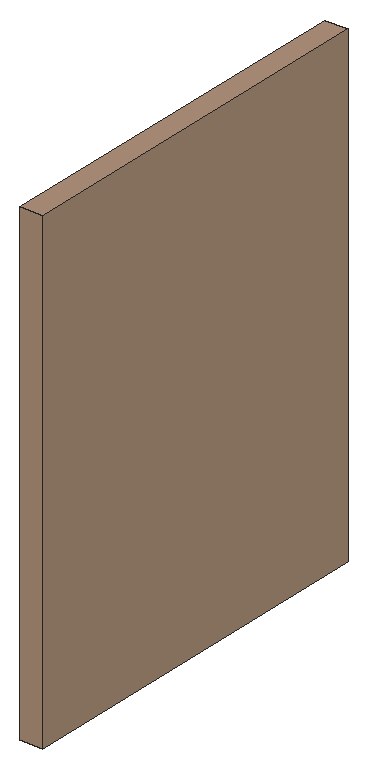
Revit family "Accessories-Teknion-RHALEP_Laminate_End_Panel_for_Wall_Cabinet-R2018", category Furniture, Revit 2018
Family settings
  OmniClass Number = 23.40.20.00
  OmniClass Title = General Furniture and Specialties
  Work Plane-Based = No
  Always vertical = Yes
  Cut with Voids When Loaded = No
  Shared = Yes
  Room Calculation Point = No
Parameters (values of type "12" Depth")
  Warranty = "http://www.teknion.com/ca/papers/legal-canada"
  Unit Weight URL = "http://www.teknion.com/ca/tools/assets#&asset=bee6a381-b954-425e-8283-5a2de3a804f2,f828d448-4b62-4231-9e5f-9a8991c0ed77"
  URL = "www.teknion.com"
  To render please download texture images found here [instance] = "https://assets.teknion.com/web/5e81352c1dfdb467/revit-material-swatches/"
  Sustainability Data = "https://www.teknion.com/ca/tools/assets#&topic=216f99a5-57a0-44fc-b10a-9dee9b29ae4c&asset=444deb64-fe58-4b68-981e-f75e97781df7,b4ff2d81-9f2e-437d-9659-7cffb09c31cf"
  Series = "Modular Cabinets"  # constant formula
  Product Page URL = "https://www.teknion.com/ca/products/product-details?productLineId=217e336e-8e7a-673b-a6c8-ff00004460c4"
  Product Line = "Modular Cabinets"  # constant formula
  Product Documentation Link = "https://www.teknion.com/pricing/modular-cabinets/pdfs/RHALEP_ppg.pdf"
  Part Number = "RHALEP"  # constant formula
  Panel Finish [instance] = Source Laminate - Teknion - 3M - Provincial Oak (Cross Grain)
  Model = "RHALEP12__"
  Manufacturer Phone = "416-661-3370"  # constant formula
  Manufacturer Fax = "416.661.4586"  # constant formula
  Manufacturer Contact Information = "http://www.teknion.com/ca/contactus"
  Manufacturer Address = "1150 Flint Road, Toronto, ON. M3J 2J5. Canada"  # constant formula
  Manufacturer = "Teknion"  # constant formula
  How To Use Teknion Materials User Guide [instance] = "https://assets.teknion.com/m/205dd0a49fa58060/original/How-to-add-a-Material-Library-and-Texture-Images-to-your-Revit-project.pdf"
  Height [instance] = 15.000"
  For Additional Finishes please visit [instance] = "https://assets.teknion.com/m/44a8009b046e5d47/original/Teknion_Materials_Library.zip"
  Description = "Laminate End Panel for Wall Cabinet, 12\" Depth"
  Depth = 12.000"
  Available Heights [instance] = "15\", 21\", 24\", 27\", 30\", 36\", 42\", or 48\""  # constant formula
  Assembly Code = "E2020200"
Types (3): name | Model | Description | Depth
  (no name) | "RHALEP12__" | "Laminate End Panel for Wall Cabinet, 12\" Depth" | 12.000"
  12" Depth | "RHALEP12__" | "Laminate End Panel for Wall Cabinet, 12\" Depth" | 12.000"
  15" Depth | "RHALEP15__" | "Laminate End Panel for Wall Cabinet, 15\" Depth" | 15.000"
Reference planes (in)
  plane 1 "Center Front/Back": y = -1.37609
  plane 2: z = 0
  plane 3 "Center Left/Right": x = 0.02779
  plane 4 "Left": x = -0.3226
  plane 5 "Right": x = 0.37819
  plane 6 "Back": y = 4.62391
  plane 7 "Front": y = -7.37609
  plane 8 "Top": z = 69
  plane 9: z = 84
  plane 10 "2d plane": z = 0
Forms (in)
  Sweep 1, solid, material "Source Laminate - Teknion - 3M - Provincial Oak (Cross Grain)" <- "Panel Finish"
    path origin (0, 0, 0) x (1, 0, 0) y (0, 1, 0)
      loop
        line (-0.3226, -1.37609) -> (0.37819, -1.37609)
    profile origin (0.02779, -1.37609, 0) x (0, 1, 0) y (0, 0, 1)
      loop
        line (6, 84) -> (-6, 84) -> (-6, 69) -> (6, 69) -> (6, 84)
Lines and regions (in)
  Masking region 1
    outline origin (0, 0, 0) x (-1, 0, 0) y (0, -1, 0)
      loop
        line (0.3226, -4.62391) -> (0.3226, 7.37609) -> (-0.37819, 7.37609) -> (-0.37819, -4.62391) -> (0.3226, -4.62391)
Dimensions and locks (in)
  equal spacing: plane 4 "Left", plane 3 "Center Left/Right", plane 5 "Right", locked at 0.35039 each
  equal spacing: plane 6 "Back", plane 1 "Center Front/Back", plane 7 "Front"
  locked: plane 8 "Top" to level at 69
  "Depth": plane 6 "Back" to plane 7 "Front"
  "Height": plane 9 to plane 8 "Top"
  locked: plane 10 "2d plane" to level at 0
  aligned and locked: level to plane 2
  aligned and locked: plane 4 "Left" to Sweep 1 sketch curve
  aligned and locked: plane 5 "Right" to Sweep 1 sketch curve
  aligned and locked: plane 8 "Top" to Sweep 1 sketch curve
  aligned and locked: Sweep 1 sketch curve to plane 7 "Front"
  aligned and locked: Sweep 1 sketch curve to plane 6 "Back"
  aligned and locked: plane 9 to Sweep 1 sketch curve
  aligned and locked: Masking region 1 sketch curve to plane 4 "Left"
  aligned and locked: Masking region 1 sketch curve to plane 6 "Back"
  aligned and locked: Masking region 1 sketch curve to plane 5 "Right"
  aligned and locked: Masking region 1 sketch curve to plane 7 "Front"
Automatic sketch dimensions
  Sweep 1 sketch curve to plane 1 "Center Front/Back" = 0.000"
